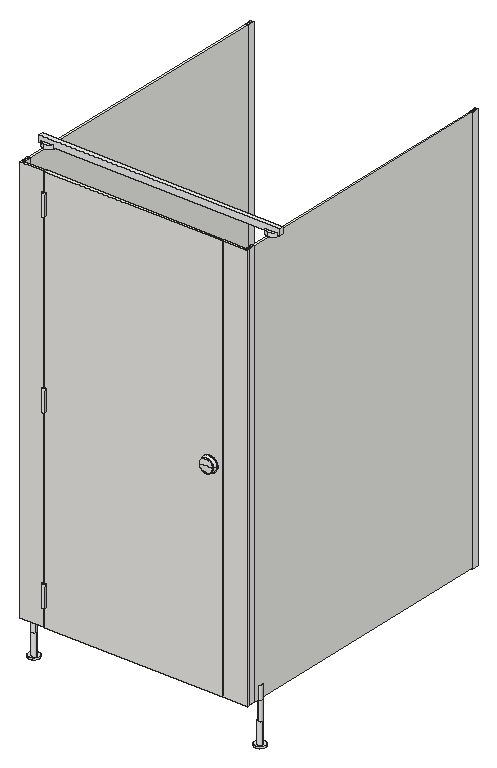
Revit family "Alsanit - Kabiny sanitarne LIFT - HPL", category Doors, Revit 2020 (continued)
Definition of nested family "front"
  Automatic sketch dimensions
    Extrusion 8 sketch curve to Extrusion 8 sketch curve = 0.00 mm  (x3)
    plane 8 to Revolve 9 sketch curve = 0.00 mm  (x4)
    Revolve 9 sketch curve to Revolve 9 sketch curve = 7.00 mm  (x3)
    Revolve 9 sketch curve to plane 6 = 83.25 mm
    Revolve 9 sketch curve to Revolve 9 sketch curve = 93.50 mm
    plane 14 to Revolve 9 sketch curve = 46.75 mm
    Revolve 9 sketch curve to plane 14 = 46.75 mm
    Revolve 9 sketch curve to plane 5 = 178.75 mm
    Revolve 9 sketch curve to plane 5 = 85.25 mm
    Revolve 9 sketch curve to Revolve 9 sketch curve = 20.00 mm
    Revolve 9 sketch curve to Revolve 9 sketch curve = 31.50 mm
    plane 14 to Revolve 3 sketch curve = 46.75 mm
    Revolve 3 sketch curve to plane 14 = 46.75 mm
    plane 1 "Center (Front/Back)" to Sweep 1 sketch curve = 0.00 mm
    plane 1 "Center (Front/Back)" to Revolve 10 sketch curve = 0.00 mm
    Revolve 10 sketch curve to plane 13 = 0.00 mm
    plane 12 to Revolve 10 sketch curve = 1.00 mm
    plane 15 to Revolve 10 sketch curve = 6.00 mm
    Revolve 10 sketch curve to Revolve 10 sketch curve = 2.00 mm
    Revolve 10 sketch curve to plane 7 = 1.50 mm
    plane 12 to Revolve 10 sketch curve = 6.00 mm
    Revolve 10 sketch curve to plane 12 = 4.00 mm
    Revolve 10 sketch curve to Revolve 10 sketch curve = 15.00 mm
    Revolve 4 sketch curve to plane 9 = 0.00 mm  (x2)
    plane 1 "Center (Front/Back)" to Revolve 4 sketch curve = 0.00 mm
    Revolve 4 sketch curve to plane 12 = 2.499 mm
    Revolve 4 sketch curve to plane 7 = 25.598 mm
    Revolve 4 sketch curve to plane 1 "Center (Front/Back)" = 1.573 mm
    Revolve 4 sketch curve to Revolve 4 sketch curve = 2.547 mm
    Revolve 4 sketch curve to Revolve 4 sketch curve = 0.552 mm
    Revolve 4 sketch curve to plane 1 "Center (Front/Back)" = 0.50 mm
    Revolve 4 sketch curve to plane 12 = 4.252 mm
    Revolve 4 sketch curve to Revolve 4 sketch curve = 7.661 mm
    Revolve 4 sketch curve to plane 12 = 2.00 mm
    Revolve 4 sketch curve to Revolve 4 sketch curve = 0.00 mm
    Revolve 4 sketch curve to plane 10 = 49.00 mm
    Revolve 4 sketch curve to Revolve 4 sketch curve = 10.00 mm
    Revolve 2 sketch curve to plane 9 = 0.00 mm  (x2)
    plane 9 to Revolve 2 sketch curve = 3.903 mm
    Revolve 2 sketch curve to Revolve 2 sketch curve = 1.135 mm
    Revolve 2 sketch curve to Revolve 2 sketch curve = 0.58 mm
    Revolve 2 sketch curve to Revolve 2 sketch curve = 0.81 mm
    Revolve 2 sketch curve to Revolve 2 sketch curve = 0.00 mm
    Revolve 2 sketch curve to Revolve 2 sketch curve = 44.00 mm
    Revolve 2 sketch curve to Revolve 2 sketch curve = 10.00 mm
    Sweep 5 sketch curve to profile plane = 0.00 mm  (x2)
    profile plane to Sweep 5 sketch curve = 4.314 mm  (x2)
    profile plane to Sweep 5 sketch curve = 1.866 mm
    Sweep 5 sketch curve to profile plane = 48.128 mm
    Sweep 5 sketch curve to Sweep 5 sketch curve = 0.00 mm
    Sweep 5 sketch curve to Sweep 5 sketch curve = 8.872 mm
    Sweep 5 sketch curve to profile plane = 8.829 mm
    Sweep 5 sketch curve to profile plane = 23.373 mm
    Sweep 11 sketch curve to plane 9 = 0.00 mm
    profile plane to Sweep 11 sketch curve = 48.00 mm
    profile plane to Sweep 11 sketch curve = 15.00 mm  (x2)
    Sweep 11 sketch curve to profile plane = 18.00 mm
    level to Sweep 11 sketch curve = 982.875 mm
    Sweep 11 sketch curve to Sweep 11 sketch curve = 127.125 mm  (x2)
    Sweep 11 sketch curve to Sweep 11 sketch curve = 0.00 mm
    Sweep 11 sketch curve to Sweep 11 sketch curve = 3.405 mm  (x3)
    Sweep 11 sketch curve to Sweep 11 sketch curve = 6.116 mm
    Sweep 12 sketch curve to profile plane = 0.00 mm
    profile plane to Sweep 12 sketch curve = 0.00 mm
    Sweep 12 sketch curve to profile plane = 8.00 mm
    profile plane to Sweep 12 sketch curve = 10.00 mm
    Revolve 2 sketch curve to Revolve 2 sketch curve = 2.566 mm
Types (2, lengths in mm): name | Thickness | Szerokość zewnętrzna modułu | Prawe odsunięcie osi | Odsunięcie prawej ścianki od osi (min. 70 mm) | Lewe odsunięcie osi | Odsunięcie lewej ścianki od osi (min. 70 mm) | Grubość ścianki
  10 mm | 10.00 | 1026.00 | 8.00 | 102.00 | 8.00 | 102.00 | 10.00
  12 mm | 12.00 | 1030.00 | 9.00 | 103.00 | 9.00 | 106.00 | 12.00
